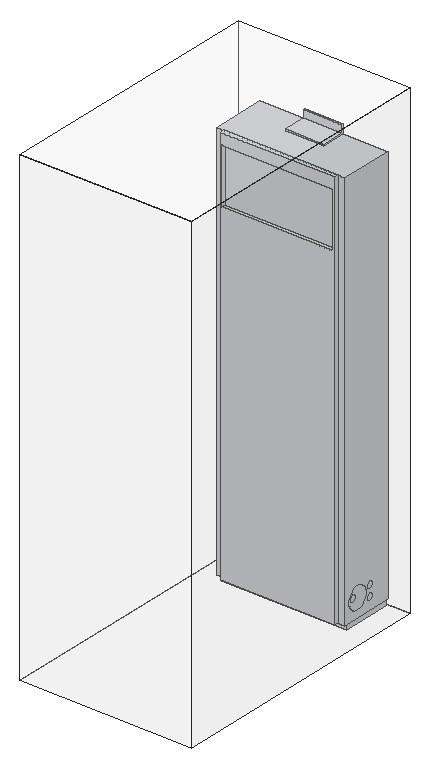
Revit family "psfy-p56160gmg9_60hz", category 機械設備, Revit 2019
Family settings
  丸型コネクタ寸法 = 直径を使用
  パーツ タイプ = 標準
  OmniClass 番号 = 23.75.10.24.21.27.27
  OmniClass タイトル = Split System Air Conditioning Units
  作業面ベース = いいえ
  常に垂直 = はい
  ロード時にボイドで切り取り = いいえ
  共有 = いいえ
  部屋計算ポイント = はい
Parameters (values of type "床置_PSFY-P56GMG9")
  風量_強 (㎥/min) = 16
  風量_弱 (㎥/min) = 13
  風量 = MAX風量  # 960.0 m³/h
  音響パワーレベル_弱 (dB) = 48
  音響パワーレベル_強 (dB) = 53
  音響パワーレベル(dB) = [音響パワーレベル_強 (dB)]  # 53
  電線用ノックアウト穴Z2 = 90 mm
  電線用ノックアウト穴Z1 = 140 mm
  電線用ノックアウト穴Y = 110 mm
  電源種別 = ""
  電源_H = 0 mm
  電気品箱位置W = 22 mm
  電気品箱位置H = 714 mm
  電気品箱位置D = 40 mm
  電気品箱D = 66 mm
  電機品箱W = 461 mm
  電機品箱H = 123 mm
  電圧 = 200 V
  電動機出力_送風機 = 0.02 kW
  運転質量 = 0.00 kg
  連動 = ""
  転倒防止金具幅 = 260 mm
  質量 = if(製品質量 > 運転質量, 製品質量, 運転質量) * 1.2  # 49.20 kg
  負荷分類 = 3_ファン類
  構成品番 = "PSFY-P56GMG9"
  吊り位置y_3 = 175 mm
  吊り位置X_3 = 99 mm
  冷媒，ドレン配管用ノックアウト穴正面-Z = 110 mm
  冷媒，ドレン配管用ノックアウト穴正面-X2 = 20 mm
  ドレン管径 (外径) = 26 mm
  【値が 0 の項目は組合せ形名にてご確認ください】 = ""
  MIN風量 = [風量_弱 (㎥/min)] * 60.0 m³/h  # 780.0 m³/h
  MAX風量 = [風量_強 (㎥/min)] * 60.0 m³/h  # 960.0 m³/h
  吸込口高さ = 608 mm
  吸込口幅 = 530 mm
  吊り位置Y_1 = 55 mm
  吊り位置Y_2 = 143 mm
  吊り位置X_2 = 277 mm
  吊り位置X_1 = 218 mm
  冷媒，ドレン配管用ノックアウト穴側面-Z = 115 mm
  冷媒，ドレン配管用ノックアウト穴側面-Y = 180 mm
  冷媒，ドレン配管用ノックアウト穴正面-X1 = 105 mm
  冷媒液管位置-Z = 590 mm
  冷媒液管位置-Y = 186 mm
  冷媒液管位置-X = 48 mm
  冷媒ガス管位置-Z = 480 mm
  冷媒ガス管位置-Y = 186 mm
  冷媒ガス管位置-X = 95 mm
  吹出口高さ = 260 mm
  吹出口幅 = 520 mm
  ドレン管径-Y = 209 mm
  ドレン管径-X = 27 mm
  ケーブルサイズ = 1.6 mm
  Width = 600 mm
  URL = "https://www.mitsubishielectric.co.jp/ldg/wink/ssl/top.do"
  Height = 1900 mm
  説明 = "ビル用マルチ 床置形室内機"
  設計暖房能力 = 0.00 kW
  設計冷房能力_顕熱 = 0 kW
  設計冷房能力 = 0 kW
  設置方法 = "床置形"
  記号 = ""
  製造元 = "三菱電機株式会社"
  製品質量 = 41.00 kg
  製品出荷対象 = "国内"
  製品リリース年月 = ""
  製品グループ = ""
  系統 = ""
  符号 = "PAC_FRV"
  積算_科目 = "1 空気調和設備"
  積算_拾い区分 [instance] = ""
  相 = 1
  盤記号 = ""
  発停方法 = "付属スイッチ"
  特殊仕様 = ""
  火災停止 = ""
  消費電力_暖房 = 0.14 kW
  消費電力_冷房 = 0.14 kW
  消費電力 = if(消費電力_冷房 > 消費電力_暖房, 消費電力_冷房, 消費電力_暖房)  # 0.14 kW
  法定耐用年数 = "6"
  極数 = 1
  材質 = ""
  本体マテリアル = none
  有効加湿量 = 0
  暖房能力 = 6.30 kW
  推奨ブレーカー容量 = 0 A
  形式_加湿器 = ""
  形式 = "床置（露出）立形"
  幹線記号 = ""
  始動方式 = "直入"
  呼称 = "室内機_床置（露出）立形（直吹）"
  周波数 = 60 Hz
  台数_手元リモコン = ""
  台数_冷媒分岐ユニット = ""
  参照している仕様書等のバージョン = "公共建築工事標準仕様書（機械設備工事編）平成31年度版"
  加湿給水管径 = 0.00 mm
  分類コード = "5.0053E+13"
  分類グループ = ""
  冷房能力 = 5.6 kW
  冷媒高低圧ガス管径 = 0.00 mm
  冷媒管径符号 = "Bd"
  冷媒管径 = 100.00 mm
  冷媒液管径 = 9.52 mm
  冷媒ガス管径 = 15.88 mm
  企業コード = "108420"
  付属品_フィルター = ""
  付属品 = ""
  仕様書バージョン = "Version1.0"
  Model = ""
  パネルマテリアル = none
  ドレン管径 = 20.00 mm
  サービススペース = yes
  コメント [instance] = ""
  ケーブル種類 = ""
  Version = ""
  Uniclass2015Version = "Systems v1.9"
  Uniclass2015Title = "Split coil remote air cooled condensing units"
  Uniclass2015Code = "Pr_70_65_03_84"
  SpecificationReference = ""
  SpecificationDescription = ""
  Revision = ""
  ProductInformation = ""
  OmniClassCode = "23-33 17 13 11"
  IfcTypeProduct = ""
  IfcProduct = ""
  IfcExportType = "AIRCONDITIONINGUNIT"
  IfcExportAs = "IfcUnitaryEquipmentType"
  Depth = 270 mm
  価格 = 0
  Clearance Top = 300 mm
  Clearance Right = 100 mm
  Clearance Left = 100 mm
  Clearance Front = 1000 mm
  Clearance Bottom = 0 mm
  Clearance Back = 5 mm
  B = 827 mm
  Author = "三菱電機株式会社"
  A = 216 mm
Types (6, lengths in mm): name | 風量_強 (㎥/min) | 風量_弱 (㎥/min) | 風量 | 音響パワーレベル_弱 (dB) | 音響パワーレベル_強 (dB) | 音響パワーレベル(dB) | 電線用ノックアウト穴Y | 電動機出力_送風機 | 質量 | 構成品番 | 吊り位置y_3 | MIN風量 | MAX風量 | 吊り位置Y_1 | 吊り位置Y_2 | 冷媒，ドレン配管用ノックアウト穴側面-Y | 冷媒液管位置-Y | 冷媒ガス管位置-Y | ドレン管径-Y | 製品質量 | 消費電力_暖房 | 消費電力_冷房 | 消費電力 | 暖房能力 | 冷房能力 | Depth
  床置_PSFY-P112GMG9 | 33 | 26 | 1980.0 m³/h | 58 | 63 | 63 | 190 | 0.11 kW | 64.80 kg | "PSFY-P112GMG9" | 255 | 1560.0 m³/h | 1980.0 m³/h | 77 | 201 | 260 | 261 | 261 | 289 | 54.00 kg | 38.00 kW | 38.00 kW | 38.00 kW | 12.50 kW | 11.2 kW | 350
  床置_PSFY-P56GMG9 | 16 | 13 | 960.0 m³/h | 48 | 53 | 53 | 110 | 0.02 kW | 49.20 kg | "PSFY-P56GMG9" | 175 | 780.0 m³/h | 960.0 m³/h | 55 | 143 | 180 | 186 | 186 | 209 | 41.00 kg | 0.14 kW | 0.14 kW | 0.14 kW | 6.30 kW | 5.6 kW | 270
  床置_PSFY-P71GMG9 | 16 | 13 | 960.0 m³/h | 51 | 56 | 56 | 110 | 0.025 kW | 51.60 kg | "PSFY-P71GMG9" | 175 | 780.0 m³/h | 960.0 m³/h | 55 | 143 | 180 | 186 | 186 | 209 | 43.00 kg | 0.15 kW | 0.15 kW | 0.15 kW | 8.00 kW | 7.1 kW | 270
  床置_PSFY-P80GMG9 | 18 | 15 | 1080.0 m³/h | 53 | 58 | 58 | 110 | 0.03 kW | 51.60 kg | "PSFY-P80GMG9" | 175 | 900.0 m³/h | 1080.0 m³/h | 55 | 143 | 180 | 186 | 186 | 209 | 43.00 kg | 0.17 kW | 0.17 kW | 0.17 kW | 9.00 kW | 8 kW | 270
  床置_PSFY-P140GMG9 | 33 | 26 | 1980.0 m³/h | 58 | 63 | 63 | 190 | 0.11 kW | 64.80 kg | "PSFY-P140GMG9" | 255 | 1560.0 m³/h | 1980.0 m³/h | 77 | 201 | 260 | 261 | 261 | 289 | 54.00 kg | 38.00 kW | 38.00 kW | 38.00 kW | 16.00 kW | 14 kW | 350
  床置_PSFY-P160GMG9 | 35 | 27 | 2100.0 m³/h | 60 | 66 | 66 | 190 | 0.12 kW | 64.80 kg | "PSFY-P160GMG9" | 255 | 1620.0 m³/h | 2100.0 m³/h | 77 | 201 | 260 | 261 | 261 | 289 | 54.00 kg | 44.00 kW | 44.00 kW | 44.00 kW | 18.00 kW | 16 kW | 350
Reference planes
  plane 1 "中心(正面/背面)": y = 0
  plane 2: z = 0
  plane 3 "中心(左/右)": x = 0
  plane 4: x = -300
  plane 5: x = 300
  plane 6: z = 1900
  plane 7: z = 30
  plane 8: x = 205
  plane 9: x = 252
  plane 10: x = 273
  plane 11: x = -130
  plane 12: x = 130
  plane 13: z = 590
  plane 14: z = 480
  plane 15: z = 1590
  plane 16: z = 824
  plane 17: z = 216
  plane 18: x = -265
  plane 19: x = 265
  plane 20: z = 857
  plane 21: z = 1850
  plane 22: x = -400
  plane 23: x = 400
  plane 24: z = 2200
  plane 25: z = 115
  plane 26: y = 0
  plane 27: y = -250
  plane 28 "Front": y = -270
  plane 29: y = -186
  plane 30: y = -186
  plane 31: y = -209
  plane 32: y = 5
  plane 33: y = -1270
  plane 34: y = -180
  plane 35: y = -110
  plane 36: x = -122.5
  plane 37: x = 122.5
  plane 38: y = -55
  plane 39: y = -198
  plane 40: x = -138.5
  plane 41: x = 138.5
  plane 42: x = -109
  plane 43: x = 109
  plane 44: z = 110
  plane 45: x = 195
  plane 46: x = -20
  plane 47: z = 90
  plane 48: z = 140
  plane 49: z = 125
  plane 50: x = -290
  plane 51: y = -175
  plane 52: x = 201
  plane 53: z = 714
  plane 54: z = 837
  plane 55: x = -278
  plane 56: x = 183
  plane 57: y = -230
  plane 58: y = -164
Forms (mm)
  Extrusion 1, solid
    sketch origin (0, -125, 0) x (1, 0, 0) y (0, 1, 0)
      loop
        line (-300, 125) -> (-300, -125) -> (300, -125) -> (300, 125) -> (-300, 125)
    from 30 to 1900
  Extrusion 2, solid, detail levels fine
    sketch origin (0, -125, 0) x (1, 0, 0) y (0, 1, 0)
      loop
        line (-265, -145) -> (265, -145) -> (265, -125) -> (-265, -125) -> (-265, -145)
    from 30 to 1900
  Extrusion 3, solid, detail levels fine
    sketch origin (0, -125, 0) x (1, 0, 0) y (0, 1, 0)
      loop
        line (-290, -105) -> (290, -105) -> (290, 125) -> (-290, 125) -> (-290, -105)
    from 0 to 30
  Extrusion 4, solid, detail levels fine
    sketch origin (0, -125, 0) x (0, 1, 0) y (0, 0, 1)
      loop
        line (125, 1940) -> (120, 1940) -> (120, 1904.676) -> (14, 1904.676) -> (14, 1900) -> (125, 1900) -> (125, 1940)
    from -90 to 90
  Extrusion 5, solid, detail levels fine
    sketch origin (0, -125, 0) x (1, 0, 0) y (0, 1, 0)
      loop
        circle (205, -61) r 7.94
    from 480 to 827
  Extrusion 6, solid, detail levels fine
    sketch origin (35, -140, 0) x (1, 0, 0) y (0, 1, 0)
      loop
        circle (217, -46) r 4.76
    from 590 to 827
  Extrusion 7, solid, detail levels fine
    sketch origin (0, -125, 0) x (1, 0, 0) y (0, 1, 0)
      loop
        circle (273, -84) r 13
    from 125 to 827
  Extrusion 8, void
    sketch origin (0, -125, 0) x (1, 0, 0) y (0, 0, 1)
      loop
        line (-260, 1850) -> (-260, 1590) -> (260, 1590) -> (260, 1850) -> (-260, 1850)
    from 125 to 145
  Extrusion 9, solid, detail levels fine
    sketch origin (0, -125, 0) x (0, 1, 0) y (0, 0, 1)
      loop
        circle (-55, 115) r 50
    from 290 to 300
  Extrusion 10, solid
    sketch origin (1480.036, -270, 1200) x (1, 0, 0) y (0, 0, -1)
      loop
        circle (-1500.036, 1090) r 50
    from 265 to 270
  Extrusion 11, solid
    sketch origin (1630.036, -270, 1200) x (1, 0, 0) y (0, 0, -1)
      loop
        circle (-1435.036, 1090) r 50
    from 265 to 270
  Extrusion 12, solid, detail levels fine
    sketch origin (0, 0, 0) x (0, 1, 0) y (0, 0, 1)
      loop
        circle (-110, 90) r 13.5
      loop
        circle (-110, 140) r 13.5
    from 290 to 300
  Extrusion 13, solid
    sketch origin (0, 0, 0) x (1, 0, 0) y (0, 1, 0)
      loop
        circle (231, -175) r 13
    from 0 to 1.766
  Extrusion 14, solid
    sketch origin (0, 0, 0) x (0, 1, 0) y (0, 0, 1)
      loop
        circle (-209, 125) r 13
    from 300 to 290
  Extrusion 15, solid
    sketch origin (0, 0, 0) x (0, 1, 0) y (0, 0, 1)
      loop
        circle (-180, 115) r 50
    from -290 to -300
  Extrusion 16, solid
    sketch origin (0, 0, 0) x (0, 1, 0) y (0, 0, 1)
      loop
        circle (-209, 125) r 13
    from -300 to -290
  Extrusion 17, solid
    sketch origin (0, 0, 0) x (1, 0, 0) y (0, 1, 0)
      loop
        circle (201, -175) r 50
    from 0 to 30
  Extrusion 18, solid
    sketch origin (1480.036, -270, 1200) x (1, 0, 0) y (0, 0, -1)
      loop
        circle (-1470.036, 1085) r 13
    from 270 to 265
  Extrusion 19, solid
    sketch origin (1480.036, -270, 1200) x (1, 0, 0) y (0, 0, -1)
      loop
        circle (-1255.036, 1085) r 13
    from 265 to 270
  Extrusion 20, solid, detail levels fine
    sketch origin (1480.036, -270, 1200) x (1, 0, 0) y (0, 0, -1)
      loop
        line (-1758.036, 486) -> (-1758.036, 363) -> (-1297.036, 363) -> (-1297.036, 486) -> (-1758.036, 486)
    from 40 to 106
Cuts and joins
  Extrusion 8 cuts Extrusion 1
  Extrusion 8 cuts Extrusion 2
Lines and regions (mm)
  model lines, detail levels fine
    curve 1: line (-300, -250, 857) -> (-265, -250, 857)
    curve 2: line (300, -250, 857) -> (265, -250, 857)
    curve 3: line (-265, -270, 216) -> (265, -270, 216)
    curve 4: line (-265, -270, 824) -> (-265, -270, 216)
    curve 5: line (265, -270, 824) -> (265, -270, 216)
    curve 6: line (-265, -270, 824) -> (265, -270, 824)
    curve 7: line (-265, -270, 233.882) -> (265, -270, 233.882)
    curve 8: line (-265, -270, 251.765) -> (265, -270, 251.765)
    curve 9: line (-265, -270, 269.647) -> (265, -270, 269.647)
    curve 10: line (-265, -270, 287.529) -> (265, -270, 287.529)
    curve 11: line (-265, -270, 305.412) -> (265, -270, 305.412)
    curve 12: line (-265, -270, 323.294) -> (265, -270, 323.294)
    curve 13: line (-265, -270, 341.176) -> (265, -270, 341.176)
    curve 14: line (-265, -270, 359.059) -> (265, -270, 359.059)
    curve 15: line (-265, -270, 376.941) -> (265, -270, 376.941)
    curve 16: line (-265, -270, 394.824) -> (265, -270, 394.824)
    curve 17: line (-265, -270, 412.706) -> (265, -270, 412.706)
    curve 18: line (-265, -270, 430.588) -> (265, -270, 430.588)
    curve 19: line (-265, -270, 448.471) -> (265, -270, 448.471)
    curve 20: line (-265, -270, 466.353) -> (265, -270, 466.353)
    curve 21: line (-265, -270, 484.235) -> (265, -270, 484.235)
    curve 22: line (-265, -270, 502.118) -> (265, -270, 502.118)
    curve 23: line (-265, -270, 520) -> (265, -270, 520)
    curve 24: line (-265, -270, 537.882) -> (265, -270, 537.882)
    curve 25: line (-265, -270, 555.765) -> (265, -270, 555.765)
    curve 26: line (-265, -270, 573.647) -> (265, -270, 573.647)
    curve 27: line (-265, -270, 591.529) -> (265, -270, 591.529)
    curve 28: line (-265, -270, 609.412) -> (265, -270, 609.412)
    curve 29: line (-265, -270, 627.294) -> (265, -270, 627.294)
    curve 30: line (-265, -270, 645.176) -> (265, -270, 645.176)
    curve 31: line (-265, -270, 663.059) -> (265, -270, 663.059)
    curve 32: line (-265, -270, 680.941) -> (265, -270, 680.941)
    curve 33: line (-265, -270, 698.824) -> (265, -270, 698.824)
    curve 34: line (-265, -270, 716.706) -> (265, -270, 716.706)
    curve 35: line (-265, -270, 734.588) -> (265, -270, 734.588)
    curve 36: line (-265, -270, 752.471) -> (265, -270, 752.471)
    curve 37: line (-265, -270, 770.353) -> (265, -270, 770.353)
    curve 38: line (-265, -270, 788.235) -> (265, -270, 788.235)
    curve 39: line (-265, -270, 806.118) -> (265, -270, 806.118)
    curve 40: line (260, -270, 1850) -> (260, -270, 1590)
    curve 41: line (-260, -270, 1590) -> (260, -270, 1590)
    curve 42: line (99, -270, 1460) -> (229, -270, 1460)
    curve 43: line (229, -270, 1460) -> (229, -270, 1330)
    curve 44: line (-260, -270, 1590) -> (260, -270, 1590)
    curve 45: line (-260, -270, 1850) -> (-260, -270, 1590)
    curve 46: line (-260, -270, 1850) -> (260, -270, 1850)
    curve 47: line (-260, -270, 1627.143) -> (260, -270, 1627.143)
    curve 48: line (-260, -270, 1664.286) -> (260, -270, 1664.286)
    curve 49: line (-260, -270, 1701.429) -> (260, -270, 1701.429)
    curve 50: line (-260, -270, 1738.571) -> (260, -270, 1738.571)
    curve 51: line (-260, -270, 1775.714) -> (260, -270, 1775.714)
    curve 52: line (-260, -270, 1812.857) -> (260, -270, 1812.857)
    curve 53: line (260, -270, 1850) -> (260, -270, 1590)
    curve 54: line (-185.714, -270, 1850) -> (-185.714, -270, 1590)
    curve 55: line (-111.429, -270, 1850) -> (-111.429, -270, 1590)
    curve 56: line (-37.143, -270, 1850) -> (-37.143, -270, 1590)
    curve 57: line (37.143, -270, 1850) -> (37.143, -270, 1590)
    curve 58: line (111.429, -270, 1850) -> (111.429, -270, 1590)
    curve 59: line (185.714, -270, 1850) -> (185.714, -270, 1590)
    curve 60: line (265, -270, 857) -> (-265, -270, 857)
    curve 61: line (99, -270, 1460) -> (99, -270, 1330)
    curve 62: line (99, -270, 1330) -> (229, -270, 1330)
Dimensions and locks
  equal spacing: plane 4, plane 3 "中心(左/右)", plane 5
  "Width": plane 4 to plane 5
  "Height": plane 6 to plane 2
  plane 7 to level = 30 mm
  equal spacing: plane 11, plane 3 "中心(左/右)", plane 12
  "転倒防止金具幅": plane 11 to plane 12
  "冷媒液管位置-Z": plane 13 to plane 2
  "冷媒ガス管位置-Z": plane 14 to plane 2
  "A": plane 17 to plane 2
  "吸込口高さ": plane 16 to plane 17
  "B": plane 20 to plane 7
  locked: plane 6 to plane 21 at 50
  "吹出口高さ": plane 21 to plane 15
  equal spacing: plane 19, plane 3 "中心(左/右)", plane 18
  "吸込口幅": plane 19 to plane 18
  plane 12 to plane 11 = 260 mm
  plane 5 to plane 4 = 600 mm
  "Clearance Left": plane 22 to plane 4
  "Clearance Top": plane 24 to plane 6
  "冷媒，ドレン配管用ノックアウト穴側面-Z": plane 25 to plane 2
  plane 27 to plane 28 "Front" = 20 mm
  locked: Extrusion 3 sketch curve to plane 5 at 10
  locked: Extrusion 3 sketch curve to plane 27 at 20
  "冷媒ガス管位置-Y": plane 29 to plane 26
  "冷媒液管位置-Y": plane 30 to plane 26
  "ドレン管径-Y": plane 31 to plane 26
  locked: Extrusion 4 sketch curve to Extrusion 4 sketch curve at 5
  locked: Extrusion 4 sketch curve to Extrusion 4 sketch curve at 111
  "冷媒ガス管位置-X": plane 8 to plane 5
  "冷媒液管位置-X": plane 9 to plane 5
  "ドレン管径-X": plane 10 to plane 5
  equal spacing: Extrusion 8 sketch curve, plane 3 "中心(左/右)", Extrusion 8 sketch curve
  "吹出口幅": Extrusion 8 sketch curve to Extrusion 8 sketch curve
  "Clearance Front": plane 28 "Front" to plane 33
  "Clearance Back": plane 26 to plane 32
  "Clearance Right": plane 5 to plane 23
  locked: Extrusion 9 to plane 5 at 10
  equal spacing: curve 6, curve 39, curve 38, curve 37, curve 36, curve 35, curve 34, curve 33, curve 32, curve 31, curve 30, curve 29, curve 28, curve 27, curve 26, curve 25, curve 24, curve 23, curve 22, curve 21, curve 20, curve 19, curve 18, curve 17, curve 16, curve 15, curve 14, curve 13, curve 12, curve 11, curve 10, curve 9, curve 8, curve 7, curve 3
  cut or joined group of Extrusion 2, Extrusion 8 to cut or joined group of Extrusion 2, Extrusion 8 = 520 mm
  equal spacing: cut or joined group of Extrusion 2, Extrusion 8, curve 52, curve 51, curve 50, curve 49, curve 48, curve 47, cut or joined group of Extrusion 2, Extrusion 8
  "Clearance Bottom": plane 2 to nested 1
  plane 15 to curve 42 = 130 mm
  "電線用ノックアウト穴Y": plane 26 to plane 35
  "冷媒，ドレン配管用ノックアウト穴側面-Y": plane 26 to plane 34
  equal spacing: cut or joined group of Extrusion 2, Extrusion 8, curve 54, curve 55, curve 56, curve 57, curve 58, curve 59, cut or joined group of Extrusion 2, Extrusion 8
  "吊り位置Y_1": plane 38 to plane 26
  "吊り位置Y_2": plane 38 to plane 39
  equal spacing: plane 40, plane 3 "中心(左/右)", plane 41
  "吊り位置X_2": plane 40 to plane 41
  equal spacing: plane 42, plane 3 "中心(左/右)", plane 43
  "吊り位置X_1": plane 42 to plane 43
  "冷媒，ドレン配管用ノックアウト穴正面-X1": plane 45 to plane 5
  "冷媒，ドレン配管用ノックアウト穴正面-X2": plane 3 "中心(左/右)" to plane 46
  "電線用ノックアウト穴Z2": plane 47 to level
  "電線用ノックアウト穴Z1": plane 48 to plane 2
  locked: Extrusion 11 to cut or joined group of Extrusion 1, Extrusion 8 at 5
  locked: Extrusion 10 to cut or joined group of Extrusion 1, Extrusion 8 at 5
  "冷媒，ドレン配管用ノックアウト穴正面-Z": plane 2 to plane 44
  plane 8 to plane 9 = 47 mm
  "Depth": plane 26 to plane 28 "Front"
  plane 49 to level = 125 mm
  plane 50 to plane 4 = 10 mm
  "吊り位置y_3": plane 26 to plane 51
  "吊り位置X_3": plane 52 to plane 5
  Extrusion 18 sketch curve to plane 46 = 30 mm
  plane 45 to Extrusion 19 sketch curve = 30 mm
  plane 52 to Extrusion 13 sketch curve = 30 mm
  "電機品箱W": plane 56 to plane 55
  "電気品箱位置W": plane 55 to plane 4
  "電気品箱位置H": plane 53 to plane 2
  "電機品箱H": plane 54 to plane 53
  "電気品箱位置D": plane 28 "Front" to plane 57
  "電気品箱D": plane 57 to plane 58
  "冷媒ガス管径": diameter of Extrusion 5 sketch curve
  "冷媒液管径": diameter of Extrusion 6 sketch curve
  "ドレン管径 (外径)": diameter of Extrusion 7 sketch curve
  "冷媒管径": diameter of Extrusion 9 sketch curve
  "冷媒管径": diameter of Extrusion 10 sketch curve
  "冷媒管径": diameter of Extrusion 11 sketch curve
  "ドレン管径 (外径)": diameter of Extrusion 13 sketch curve
  "ドレン管径 (外径)": diameter of Extrusion 14 sketch curve
  "冷媒管径": diameter of Extrusion 17 sketch curve
  "ドレン管径 (外径)": diameter of Extrusion 18 sketch curve
  "ドレン管径 (外径)": diameter of Extrusion 19 sketch curve
  aligned and locked: level to plane 2
  aligned and locked: plane 26 to Extrusion 1 sketch curve
  aligned and locked: plane 27 to Extrusion 1 sketch curve
  aligned and locked: plane 5 to Extrusion 1 sketch curve
  aligned and locked: plane 27 to Extrusion 2 sketch curve
  aligned and locked: Extrusion 2 sketch curve to plane 28 "Front"
  aligned and locked: Extrusion 3 sketch curve to plane 26
  aligned and locked: plane 8 to Extrusion 5 sketch curve
  aligned and locked: plane 29 to Extrusion 5 sketch curve
  aligned and locked: plane 9 to Extrusion 6 sketch curve
  aligned and locked: plane 30 to Extrusion 6 sketch curve
  aligned and locked: plane 10 to Extrusion 7 sketch curve
  aligned and locked: plane 31 to Extrusion 7 sketch curve
  aligned and locked: Extrusion 7 to Extrusion 5
  aligned and locked: Extrusion 6 to Extrusion 5
  aligned and locked: Extrusion 8 to plane 28 "Front"
  aligned and locked: plane 27 to Extrusion 8
  aligned and locked: plane 32 to nested 1
  aligned and locked: nested 1 to plane 33
  aligned and locked: plane 34 to Extrusion 9 sketch curve
  aligned and locked: Extrusion 9 to plane 5
  aligned and locked: Extrusion 9 to Extrusion 3
  aligned and locked: nested 1 to plane 23
  aligned and locked: plane 23 to nested 1
  aligned and locked: plane 1 "中心(正面/背面)" to plane 26
  aligned and locked: plane 24 to nested 1
  aligned and locked: plane 6 to cut or joined group of Extrusion 2, Extrusion 8
  aligned and locked: plane 6 to cut or joined group of Extrusion 1, Extrusion 8
  aligned and locked: Extrusion 4 to plane 6
  aligned and locked: plane 21 to cut or joined group of Extrusion 2, Extrusion 8
  aligned and locked: cut or joined group of Extrusion 2, Extrusion 8 to plane 15
  aligned and locked: cut or joined group of Extrusion 2, Extrusion 8 to plane 18
  aligned and locked: plane 19 to curve 5
  aligned and locked: plane 19 to curve 2
  aligned and locked: plane 18 to curve 1
  aligned and locked: Extrusion 5 to plane 14
  aligned and locked: Extrusion 6 to plane 13
  aligned and locked: curve 4 to plane 18
  aligned and locked: cut or joined group of Extrusion 2, Extrusion 8 to plane 19
  aligned and locked: plane 18 to cut or joined group of Extrusion 2, Extrusion 8
  aligned and locked: curve 53 to cut or joined group of Extrusion 2, Extrusion 8
  aligned and locked: curve 45 to cut or joined group of Extrusion 2, Extrusion 8
  aligned and locked: curve 46 to plane 21
  aligned and locked: curve 44 to plane 15
  aligned and locked: plane 19 to curve 60
  aligned and locked: plane 20 to curve 60
  aligned and locked: plane 22 to nested 1
  aligned and locked: Extrusion 1 to plane 4
  aligned and locked: cut or joined group of Extrusion 1, Extrusion 8 to plane 5
  aligned and locked: nested 1 to plane 24
  aligned and locked: cut or joined group of Extrusion 1, Extrusion 8 to plane 6
  aligned and locked: nested 2 to plane 38
  aligned and locked: nested 2 to plane 39  (x2)
  aligned and locked: plane 3 "中心(左/右)" to nested 2
  aligned and locked: nested 2 to plane 40
  aligned and locked: plane 41 to nested 2
  aligned and locked: plane 38 to nested 2
  aligned and locked: nested 2 to plane 41
  aligned and locked: plane 40 to nested 2
  aligned and locked: plane 46 to Extrusion 10 sketch curve
  aligned and locked: plane 44 to Extrusion 10 sketch curve
  aligned and locked: plane 45 to Extrusion 11 sketch curve
  aligned and locked: plane 44 to Extrusion 11 sketch curve
  aligned and locked: Extrusion 11 to plane 1 "中心(正面/背面)"
  aligned and locked: Extrusion 10 to plane 1 "中心(正面/背面)"
  aligned and locked: Extrusion 4 to Extrusion 10
  aligned and locked: level to nested 1  (x2)
  aligned and locked: plane 48 to Extrusion 12 sketch curve
  aligned and locked: plane 47 to Extrusion 12 sketch curve
  aligned and locked: Extrusion 12 to plane 5
  aligned and locked: Extrusion 12 to Extrusion 3
  aligned and locked: Extrusion 7 to plane 49
  aligned and locked: plane 31 to Extrusion 14 sketch curve
  aligned and locked: plane 49 to Extrusion 14 sketch curve
  aligned and locked: Extrusion 14 to plane 5
  aligned and locked: Extrusion 9 to Extrusion 14
  aligned and locked: Extrusion 15 sketch curve to Extrusion 9
  aligned and locked: Extrusion 15 to plane 4
  aligned and locked: Extrusion 3 to Extrusion 15
  aligned and locked: Extrusion 16 sketch curve to Extrusion 14
  aligned and locked: Extrusion 16 to plane 4
  aligned and locked: Extrusion 3 to Extrusion 16
  aligned and locked: plane 52 to Extrusion 17 sketch curve
  aligned and locked: plane 51 to Extrusion 17 sketch curve
  aligned and locked: plane 25 to Extrusion 18 sketch curve
  aligned and locked: plane 25 to Extrusion 19 sketch curve
  aligned and locked: Extrusion 18 to plane 1 "中心(正面/背面)"
  aligned and locked: Extrusion 10 to Extrusion 18
  aligned and locked: Extrusion 19 to plane 1 "中心(正面/背面)"
  aligned and locked: Extrusion 10 to Extrusion 19
  aligned and locked: plane 51 to Extrusion 13 sketch curve
  aligned and locked: plane 54 to Extrusion 20
  aligned and locked: Extrusion 20 to plane 53
  aligned and locked: Extrusion 20 to plane 55
  aligned and locked: plane 56 to Extrusion 20
  aligned and locked: plane 57 to Extrusion 20
  aligned and locked: Extrusion 20 to plane 58
Automatic sketch dimensions
  Extrusion 1 sketch curve to plane 4 = 0 mm
  Extrusion 2 sketch curve to plane 18 = 0 mm
  Extrusion 2 sketch curve to plane 19 = 0 mm
  plane 4 to Extrusion 3 sketch curve = 10 mm
  Extrusion 4 sketch curve to plane 6 = 0 mm
  plane 1 "中心(正面/背面)" to Extrusion 4 sketch curve = 0 mm
  plane 6 to Extrusion 4 sketch curve = 4.676 mm
  Extrusion 4 sketch curve to Extrusion 4 sketch curve = 35.324 mm
  curve 1 to plane 4 = 0 mm
  plane 5 to curve 2 = 0 mm
  curve 1 to plane 20 = 0 mm
  curve 2 to plane 20 = 0 mm
  Extrusion 12 sketch curve to plane 35 = 0 mm  (x2)
  curve 3 to plane 17 = 0 mm
  curve 3 to plane 18 = 0 mm
  curve 60 to plane 18 = 0 mm
  curve 5 to plane 16 = 0 mm
  Extrusion 20 sketch curve to plane 54 = 0 mm
  Extrusion 20 sketch curve to plane 55 = 0 mm
  Extrusion 20 sketch curve to plane 56 = 0 mm
  Extrusion 20 sketch curve to plane 53 = 0 mm
  curve 42 to plane 9 = 23 mm
  plane 43 to curve 61 = 10 mm
  curve 61 to curve 42 = 130 mm
  Extrusion 8 sketch curve to plane 15 = 0 mm
  Extrusion 8 sketch curve to plane 21 = 0 mm
  Extrusion 9 sketch curve to plane 25 = 0 mm
  radius of Extrusion 12 sketch curve = 13.5 mm  (x2)
Nested families
  nested 1: "サービススペース" at (0, -632.5, 1100), visible <- "サービススペース", type "サービススペース"
    with Width 800 mm, Height 2200 mm, Depth 1275 mm
  nested 2: "固定点" at (0, -198, 0), W2 <- "吊り位置X_2", D <- "吊り位置Y_2", W1 <- "吊り位置X_1", type "固定点"
    with W2 277 mm, W1 218 mm, D 143 mm
Connectors
  piping at (300, -180, 115), diameter 100, driven by "冷媒管径", driven by "冷媒管径符号"
    settings: on Extrusion 9, index 6, connector inside diameter 609.60 mm, connector length 0 mm, flow factor 0, pipe flow 0.0 L/s, pressure drop 0.0 Pa, fitting loss kfactor 0, connector angle 0.00°, fixture units 0, engagement length 0 mm, angle of deflection 0.00°, flow configuration 1, flow direction 1, fitting loss method 4, system type 7, joint type 0, gender type 0, connector reference index -1, connector utility 0, adjustable connector no, is connector primary yes, connector description "Bd"
  piping at (195, 0, 110), diameter 100, driven by "冷媒管径", driven by "冷媒管径符号"
    settings: on Extrusion 11, index 8, connector inside diameter 609.60 mm, connector length 0 mm, flow factor 0, pipe flow 0.0 L/s, pressure drop 0.0 Pa, fitting loss kfactor 0, connector angle 0.00°, fixture units 0, engagement length 0 mm, angle of deflection 0.00°, flow configuration 1, flow direction 1, fitting loss method 4, system type 7, joint type 0, gender type 0, connector reference index -1, connector utility 0, adjustable connector no, is connector primary no, connector description "Bd"
  piping at (-20, 0, 110), diameter 100, driven by "冷媒管径", driven by "冷媒管径符号"
    settings: on Extrusion 10, index 9, connector inside diameter 609.60 mm, connector length 0 mm, flow factor 0, pipe flow 0.0 L/s, pressure drop 0.0 Pa, fitting loss kfactor 0, connector angle 0.00°, fixture units 0, engagement length 0 mm, angle of deflection 0.00°, flow configuration 1, flow direction 1, fitting loss method 4, system type 7, joint type 0, gender type 0, connector reference index -1, connector utility 0, adjustable connector no, is connector primary no, connector description "Bd"
  piping at (231, -175, 0), diameter 20, driven by "ドレン管径"
    settings: on Extrusion 13, index 11, connector inside diameter 609.60 mm, connector length 0 mm, flow factor 0, pipe flow 0.0 L/s, pressure drop 0.0 Pa, fitting loss kfactor 0, connector angle 0.00°, fixture units 0, engagement length 0 mm, angle of deflection 0.00°, flow configuration 1, flow direction 2, fitting loss method 4, system type 16, joint type 0, gender type 0, connector reference index -1, connector utility 0, adjustable connector no, is connector primary no, connector description ""
  piping at (300, -209, 125), diameter 20, driven by "ドレン管径"
    settings: on Extrusion 14, index 12, connector inside diameter 609.60 mm, connector length 0 mm, flow factor 0, pipe flow 0.0 L/s, pressure drop 0.0 Pa, fitting loss kfactor 0, connector angle 0.00°, fixture units 0, engagement length 0 mm, angle of deflection 0.00°, flow configuration 1, flow direction 2, fitting loss method 4, system type 16, joint type 0, gender type 0, connector reference index -1, connector utility 0, adjustable connector no, is connector primary no, connector description ""
  piping at (-300, -180, 115), diameter 100, driven by "冷媒管径", driven by "冷媒管径符号"
    settings: on Extrusion 15, index 13, connector inside diameter 609.60 mm, connector length 0 mm, flow factor 0, pipe flow 0.0 L/s, pressure drop 0.0 Pa, fitting loss kfactor 0, connector angle 0.00°, fixture units 0, engagement length 0 mm, angle of deflection 0.00°, flow configuration 1, flow direction 1, fitting loss method 4, system type 7, joint type 0, gender type 0, connector reference index -1, connector utility 0, adjustable connector no, is connector primary no, connector description "Bd"
  piping at (-300, -209, 125), diameter 20, driven by "ドレン管径"
    settings: on Extrusion 16, index 14, connector inside diameter 609.60 mm, connector length 0 mm, flow factor 0, pipe flow 0.0 L/s, pressure drop 0.0 Pa, fitting loss kfactor 0, connector angle 0.00°, fixture units 0, engagement length 0 mm, angle of deflection 0.00°, flow configuration 2, flow direction 2, fitting loss method 4, system type 16, joint type 0, gender type 0, connector reference index -1, connector utility 0, adjustable connector no, is connector primary no, connector description ""
  piping at (201, -175, 0), diameter 100, driven by "冷媒管径", driven by "冷媒管径符号"
    settings: on Extrusion 17, index 15, connector inside diameter 609.60 mm, connector length 0 mm, flow factor 0, pipe flow 0.0 L/s, pressure drop 0.0 Pa, fitting loss kfactor 0, connector angle 0.00°, fixture units 0, engagement length 0 mm, angle of deflection 0.00°, flow configuration 1, flow direction 1, fitting loss method 4, system type 7, joint type 0, gender type 0, connector reference index -1, connector utility 0, adjustable connector no, is connector primary no, connector description "Bd"
  piping at (225, 0, 115), diameter 20, driven by "ドレン管径"
    settings: on Extrusion 19, index 16, connector inside diameter 609.60 mm, connector length 0 mm, flow factor 0, pipe flow 0.0 L/s, pressure drop 0.0 Pa, fitting loss kfactor 0, connector angle 0.00°, fixture units 0, engagement length 0 mm, angle of deflection 0.00°, flow configuration 1, flow direction 2, fitting loss method 4, system type 16, joint type 0, gender type 0, connector reference index -1, connector utility 0, adjustable connector no, is connector primary no, connector description ""
  piping at (10, 0, 115), diameter 20, driven by "ドレン管径"
    settings: on Extrusion 18, index 17, connector inside diameter 609.60 mm, connector length 0 mm, flow factor 0, pipe flow 0.0 L/s, pressure drop 0.0 Pa, fitting loss kfactor 0, connector angle 0.00°, fixture units 0, engagement length 0 mm, angle of deflection 0.00°, flow configuration 1, flow direction 2, fitting loss method 4, system type 16, joint type 0, gender type 0, connector reference index -1, connector utility 0, adjustable connector no, is connector primary no, connector description ""
  electrical at (-47.5, -230, 775.5), driven by "極数", driven by "負荷分類", driven by "電圧", driven by "消費電力"
    settings: on Extrusion 20, index 18, voltage 200 V, apparent load 140 VA, apparent load phase1 0 VA, apparent load phase2 0 VA, apparent load phase3 0 VA, power factor 1, load classification "3_ファン類", number of poles 1, system type 30, power factor state 1, is connector primary yes, connector utility no, sub classification motor no, connector description ""
Definition of nested family "サービススペース"
  Parameters (values of type "サービススペース")
    Width [instance] = 500 mm
    Height [instance] = 500 mm
    Depth [instance] = 500 mm
  Reference planes
    plane 1 "中心(正面/背面)": y = 0
    plane 2: z = 0
    plane 3 "中心(左/右)": x = 0
    plane 4: y = -250
    plane 5: x = 250
    plane 6: y = 250
    plane 7: x = -250
    plane 8: z = 250
    plane 9: z = -250
  Forms (mm)
    Extrusion 1, solid
      sketch origin (-638.939, 0, 72.39) x (1, 0, 0) y (0, 1, 0)
        loop
          line (388.939, 250) -> (388.939, -250) -> (888.939, -250) -> (888.939, 250) -> (388.939, 250)
      from -322.39 to 177.61
  Lines and regions (mm)
    symbolic lines
      curve 1: line (-250, 0, 250) -> (250, 0, 250)
      curve 2: line (-250, 0, -250) -> (-250, 0, 250)
      curve 3: line (250, 0, -250) -> (-250, 0, -250)
      curve 4: line (250, 0, 250) -> (250, 0, -250)
      curve 5: line (0, -250, 250) -> (0, 250, 250)
      curve 6: line (0, -250, -250) -> (0, -250, 250)
      curve 7: line (0, 250, -250) -> (0, -250, -250)
      curve 8: line (0, 250, 250) -> (0, 250, -250)
      curve 9: line (-250, 250, 0) -> (250, 250, 0)
      curve 10: line (-250, -250, 0) -> (-250, 250, 0)
      curve 11: line (250, -250, 0) -> (-250, -250, 0)
      curve 12: line (250, 250, 0) -> (250, -250, 0)
  Dimensions and locks
    equal spacing: plane 7, plane 3 "中心(左/右)", plane 5
    equal spacing: plane 4, plane 1 "中心(正面/背面)", plane 6
    "Depth": plane 4 to plane 6
    "Width": plane 7 to plane 5
    equal spacing: plane 8, plane 2, plane 9
    "Height": plane 8 to plane 9
    aligned and locked: plane 9 to curve 3
    aligned and locked: plane 7 to curve 2
    aligned and locked: curve 4 to plane 5
    aligned and locked: plane 5 to Extrusion 1
    aligned and locked: Extrusion 1 to plane 7
    aligned and locked: Extrusion 1 to plane 9
    aligned and locked: plane 8 to Extrusion 1
    aligned and locked: plane 9 to curve 7
  Automatic sketch dimensions
    plane 4 to Extrusion 1 sketch curve = 0 mm
    Extrusion 1 sketch curve to plane 7 = 0 mm
    Extrusion 1 sketch curve to plane 5 = 0 mm
    plane 6 to Extrusion 1 sketch curve = 0 mm
    curve 2 to plane 8 = 0 mm
    plane 4 to curve 11 = 0 mm
    curve 11 to plane 7 = 0 mm
    curve 11 to plane 5 = 0 mm
    plane 6 to curve 10 = 0 mm
    curve 7 to plane 4 = 0 mm
    curve 7 to plane 6 = 0 mm
    curve 6 to plane 8 = 0 mm
Definition of nested family "固定点"
  Parameters (values of type "固定点")
    中心円 = 20 mm
    W2 [instance] = 277 mm
    W1 [instance] = 200 mm
    D [instance] = 210 mm
  Reference planes
    plane 1 "中心(正面/背面)": y = 0
    plane 2: z = 0
    plane 3 "中心(左/右)": x = 0
    plane 4: x = 138.5
    plane 5: y = 210
    plane 6: x = -100
    plane 7: x = -138.5
    plane 8: x = 100
    plane 9: x = 338.5
    plane 10: x = -338.5
    plane 11: y = -200
    plane 12: y = 420
  Lines and regions (mm)
    symbolic lines, detail levels fine
      curve 1: line (-338.5, 210, 0) -> (338.5, 210, 0)
      curve 2: line (-338.5, 0, 0) -> (338.5, 0, 0)
      curve 3: line (138.5, 420, 0) -> (138.5, -200, 0)
      curve 4: line (-100, 420, 0) -> (-100, -200, 0)
      curve 5: line (100, 420, 0) -> (100, -200, 0)
      curve 6: line (-138.5, 420, 0) -> (-138.5, -200, 0)
    model lines, detail levels fine
      curve 7: circle (-100, 0, 0) r 10 normal (0, 0, 1)
      curve 8: circle (100, 0, 0) r 10 normal (0, 0, 1)
      curve 9: circle (138.5, 210, 0) r 10 normal (0, 0, 1)
      curve 10: circle (-138.5, 210, 0) r 10 normal (0, 0, 1)
  Dimensions and locks
    "D": plane 1 "中心(正面/背面)" to plane 5
    equal spacing: plane 6, plane 3 "中心(左/右)", plane 8
    "W1": plane 6 to plane 8
    equal spacing: plane 7, plane 3 "中心(左/右)", plane 4
    "W2": plane 7 to plane 4
    locked: plane 11 to plane 1 "中心(正面/背面)" at 200
    locked: plane 10 to plane 7 at 200
    locked: plane 12 to plane 5 at 210
    locked: plane 4 to plane 9 at 200
    "中心円": diameter of curve 7
    "中心円": diameter of curve 8
    "中心円": diameter of curve 9
    "中心円": diameter of curve 10
    aligned and locked: level to plane 2
    aligned and locked: plane 1 "中心(正面/背面)" to curve 2
    aligned and locked: curve 3 to plane 4
    aligned and locked: curve 4 to plane 6
    aligned and locked: curve 6 to plane 7
    aligned and locked: curve 5 to plane 8
    aligned and locked: curve 1 to plane 5
    aligned and locked: plane 9 to curve 1
    aligned and locked: plane 9 to curve 2
    aligned and locked: plane 10 to curve 2
    aligned and locked: plane 11 to curve 3
    aligned and locked: plane 11 to curve 5
    aligned and locked: plane 11 to curve 4
    aligned and locked: plane 11 to curve 6
    aligned and locked: plane 12 to curve 3
    aligned and locked: plane 12 to curve 5
    aligned and locked: plane 12 to curve 4
    aligned and locked: plane 12 to curve 6
    aligned and locked: plane 10 to curve 1
    aligned and locked: plane 6 to curve 7
    aligned and locked: plane 1 "中心(正面/背面)" to curve 7
    aligned and locked: plane 8 to curve 8
    aligned and locked: plane 1 "中心(正面/背面)" to curve 8
    aligned and locked: plane 5 to curve 9
    aligned and locked: plane 4 to curve 9
    aligned and locked: plane 7 to curve 10
    aligned and locked: plane 5 to curve 10
